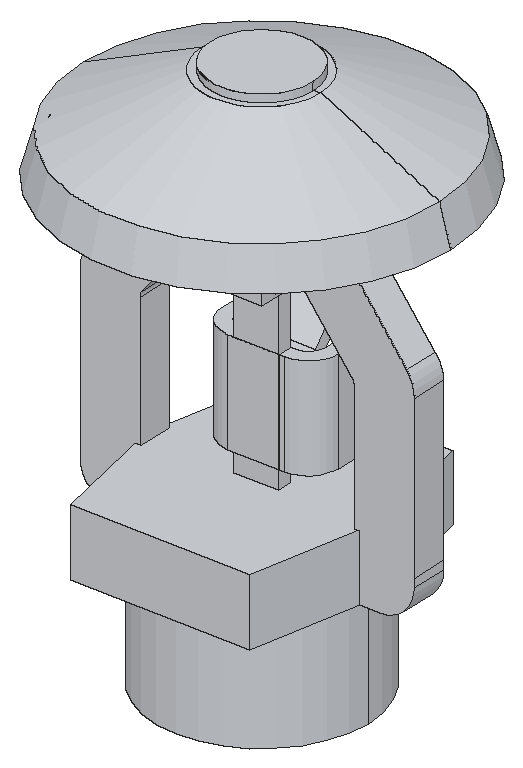
Revit family
Parameters (values of type "RASCO G XLO")
  Temperature Rating = 212 °F
  Response = (empty or 0)
  RASCO SIN # = "R2921"
  RASCO Part # = "GUX1LB"
  Pressure Rating = ""
  Pressure Class = (empty or 0)
  Orifice Size = 3/4"
  Orifice = (empty or 0)
  Model = "G XLO"
  Manufacturer = "RASCO"
  K-Factor = 11.2
  Diameter = 3/4"
  Description = "BRASS FINISH"
  Coverage = (empty or 0)
Reference planes (in)
  plane 1 "Center (Front/Back)": y = 0
  plane 2: z = 0
  plane 3 "Center (Left/Right)": x = 0
Nested families (in)
  nested 1: "RASCO- GUX1LB" at (0, -3.08717, -0.22224), type "RASCO J168"
Connectors (in)
  piping at (0, -3.08717, 0.0998)
    settings: on nested 1, index 1, connector radius 1/2", flow factor 0, pipe flow 0 GPM, pressure drop 0.00 psi, fitting loss kfactor 0, connector angle 0.00°, fixture units 0, flow configuration 0, flow direction 0, fitting loss method 0, system type 7, connector reference index -1, connector utility 0, adjustable connector no, is connector primary yes, fitting loss table "", connector description ""
Definition of nested family "RASCO- GUX1LB"
  Parameters (values of type "RASCO J168")
    Type Comments = ""
    Temperature Rating = 0 °F
    Response = (empty or 0)
    Pressure Rating = "0"
    Pressure Class = (empty or 0)
    Orifice Size = 0"
    Orifice = (empty or 0)
    Model = ""
    Manufacturer = ""
    K-Factor = 0
    Description = ""
    Coverage = (empty or 0)
    Assembly Code = ""
  Reference planes (in)
    plane 1 "Center (Front/Back)": y = 0
    plane 2: z = 0
    plane 3 "REF.1": z = 0.888
    plane 4 "top": z = 2.8125
    plane 5: x = -0.81624
    plane 6: x = 0.81332
    plane 7 "ref.2": z = 2.12402
    plane 8 "head": z = 2.72724
    plane 9 "left/right center": x = 0
    plane 10 "screw": z = 1.98251
    plane 11 "link2": through (0, -0.02489, 1.21079) normal (0, 0.6767, -0.7363)
    plane 12: z = 3.03474
    plane 13: z = 1.213
  Forms (in)
    Extrusion 1, solid
      sketch origin (0, 0, 0) x (1, 0, 0) y (0, 1, 0)
        loop
          circle (0, 0) r 0.5221
      from 0.32204 to 0.888
    Extrusion 2, solid
      sketch origin (0, 0, 0.888) x (-1, 0, 0) y (0, -1, 0)
        loop
          line (-0.43619, -0.62052) -> (0.4375, -0.62052) -> (0.56391, 0) -> (0.4375, 0.62052) -> (-0.43619, 0.62052) -> (-0.56259, 0) -> (-0.43619, -0.62052)
      from 0 to 0.325
    Extrusion 3, solid
      sketch origin (0, 0, 0) x (1, 0, 0) y (0, 0, 1)
        loop
          line (-0.5221, 0.888) -> (-0.5221, 1.098) -> (-0.5221, 1.86141)
          arc (-0.5221, 1.86141) -> (-0.5194, 1.87757) -> (-0.51161, 1.89198) r 0.04979
          line (-0.51161, 1.89198) -> (-0.21764, 2.26989) -> (-0.00066, 2.26989) -> (0.20278, 2.26989) -> (0.5115, 1.87435)
          arc (0.5115, 1.87435) -> (0.51938, 1.85983) -> (0.5221, 1.84354) r 0.05007
          line (0.5221, 1.84354) -> (0.5221, 1.098) -> (0.5221, 0.888) -> (0.64763, 0.888)
          arc (0.64763, 0.888) -> (0.76676, 0.93734) -> (0.8161, 1.05647) r 0.16847
          line (0.8161, 1.05647) -> (0.8161, 1.098) -> (0.8161, 1.88537)
          arc (0.8161, 1.88537) -> (0.80631, 1.94391) -> (0.77801, 1.99608) r 0.17993
          line (0.77801, 1.99608) -> (0.32662, 2.5744) -> (-0.32864, 2.5744) -> (-0.77818, 1.99651)
          arc (-0.77818, 1.99651) -> (-0.80636, 1.94441) -> (-0.8161, 1.88599) r 0.18
          line (-0.8161, 1.88599) -> (-0.8161, 1.098) -> (-0.8161, 1.05594)
          arc (-0.8161, 1.05594) -> (-0.76691, 0.93719) -> (-0.64816, 0.888) r 0.16794
          line (-0.64816, 0.888) -> (-0.5221, 0.888)
      from -0.08649 to 0.08732
    Revolve 4, solid
      sketch origin (0, 0, 0) x (1, 0, 0) y (0, 0, 1)
        loop
          line (-0.00066, 2.81189) -> (-0.32516, 2.81189)
          arc (-0.32516, 2.81189) -> (-0.339, 2.80616) -> (-0.34473, 2.79233) r 0.01957
          line (-0.34473, 2.79233) -> (-0.34473, 2.57443)
          arc (-0.34473, 2.57443) -> (-0.34132, 2.5437) -> (-0.33127, 2.51445) r 0.14031
          line (-0.33127, 2.51445) -> (-0.03397, 2.17619) -> (-0.00066, 2.17619) -> (-0.00066, 2.81189)
        axis (-0.00066, 2.81189) -> (-0.00066, 2.17619)
      angle from 0 to 360
    Extrusion 5, solid
      sketch origin (0, 0, 2.8125) x (-1, 0, 0) y (0, -1, 0)
        loop
          circle (0, 0) r 0.25
      from 0 to 0.22224
    Revolve 6, solid
      sketch origin (0, 0, 0) x (1, 0, 0) y (0, 0, 1)
        loop
          line (0, 2.99796) -> (-0.28606, 2.99796) -> (-0.87155, 2.72724) -> (-0.92272, 2.53626) -> (-0.87452, 2.53626) -> (-0.83546, 2.68206) -> (-0.27232, 2.94244) -> (0, 2.94244) -> (0, 2.99796)
        axis (0, 2.99796) -> (0, 2.53626)
      angle from 0 to 360
    Extrusion 7, solid
      sketch origin (0, 0, 0) x (1, 0, 0) y (0, 0, 1)
        loop
          line (0.10934, 1.213) -> (0.10934, 2.12264) -> (-0.11066, 2.12264) -> (-0.11066, 1.213) -> (0.10934, 1.213)
      from -0.03602 to 0.03346
    Extrusion 8, solid
      sketch origin (0, 0, 0) x (1, 0, 0) y (0, 1, 0)
        loop
          line (-0.13782, -0.03346) -> (0.13824, -0.03346)
          arc (0.13824, -0.03346) -> (0.24228, 0.00963) -> (0.28537, 0.11367) r 0.14713
          line (0.28537, 0.11367) -> (0.28537, 0.36654) -> (0.21637, 0.36654) -> (0.21637, 0.12177)
          arc (0.21637, 0.12177) -> (0.19125, 0.06113) -> (0.13062, 0.03602) r 0.08575
          line (0.13062, 0.03602) -> (-0.12969, 0.03602)
          arc (-0.12969, 0.03602) -> (-0.19046, 0.06119) -> (-0.21563, 0.12195) r 0.08594
          line (-0.21563, 0.12195) -> (-0.21563, 0.36654) -> (-0.28463, 0.36654) -> (-0.28463, 0.11335)
          arc (-0.28463, 0.11335) -> (-0.24163, 0.00954) -> (-0.13782, -0.03346) r 0.14681
      from 1.30472 to 1.80738
    Extrusion 9, solid
      sketch origin (0, 0, 0) x (0, 0, -1) y (0, -1, 0)
        loop
          circle (-1.56307, -0.22442) r 0.13793
      from -0.21637 to 0.21563
    Extrusion 10, solid
      sketch origin (0, 0, 0) x (0, 0, -1) y (0, -1, 0)
        loop
          arc (-2.17619, -0.26024) -> (-2.1058, -0.36958) -> (-1.97714, -0.35076) r 0.12011
          line (-1.97714, -0.35076) -> (-1.74478, -0.14809)
          arc (-1.74478, -0.14809) -> (-1.6682, -0.1024) -> (-1.58045, -0.08649) r 0.25
          line (-1.58045, -0.08649) -> (-1.42416, -0.08649) -> (-1.42416, -0.03602) -> (-1.5818, -0.03602)
          arc (-1.5818, -0.03602) -> (-1.69102, -0.05581) -> (-1.78634, -0.11268) r 0.31117
          line (-1.78634, -0.11268) -> (-1.99985, -0.29891)
          arc (-1.99985, -0.29891) -> (-2.07893, -0.31048) -> (-2.12219, -0.24328) r 0.07382
          line (-2.12219, -0.24328) -> (-2.12219, 0.21398) -> (-2.17619, 0.21398) -> (-2.17619, -0.26024)
      from -0.17291 to 0.17375
  Dimensions and locks (in)
    plane 5 to Extrusion 8 = 0' - 1.10161"
